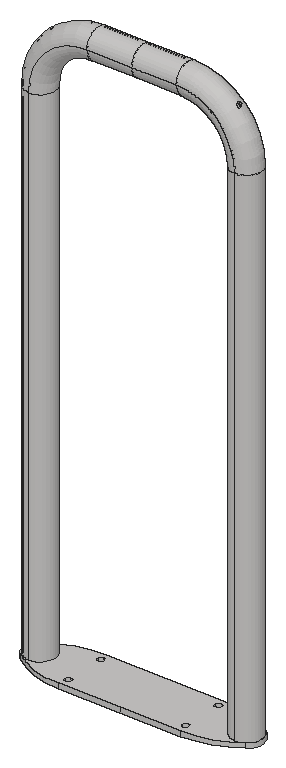
Revit family "Landscaping_Other_Axelent_Nimbus_Large", category Furniture, Revit 2018
Family settings
  OmniClass Number = 23.40.10.14
  OmniClass Title = Exterior Specialties
  Work Plane-Based = No
  Always vertical = Yes
  Cut with Voids When Loaded = No
  Shared = No
  Room Calculation Point = No
Parameters (values of type "Bike-Up Nimbus Large")
  nimbus type = nimbus large : nimbus large
  WarrantyStartDate [instance] = "n/a"
  WarrantyGuarantorParts = "n/a"
  WarrantyGuarantorLabor = "n/a"
  WarrantyDurationUnit = "Years"
  WarrantyDurationParts = "n/a"
  WarrantyDurationLabor = "n/a"
  WarrantyDescription = "n/a"
  VersionDate = "28/03/2022"  # constant formula
  Version = "1"  # constant formula
  Uniclass2015Reference = "Pr_40_30_21"
  Uniclass2015Description = "Cycle stands and lockers"
  Uniclass2 = "Pr_40_30_20"
  URL = "https://www.axelent.com/products/property/bike-racks/other-racks/bike-up-nimbus-large/"
  Type Comments = ""
  TagNumber [instance] = "n/a"
  SustainabilityPerformance = "n/a"
  Style = "n/a"
  Size = "400x100x1000 mm"
  Shape = "Sculptured"
  SerialNumber [instance] = "n/a"
  Revision = "n/a"
  ReplacementCost = "n/a"
  ProductInformation = "Hot-dip galvanized surface treatment, fastening with bolt. Stylish bicycle rack for support and locking of bicycles."
  ProductDatasheet = "https://www.axelent.com/media/2phb1hcf/axelent-safe-x-bike-up-nimbus-large.pdf"
  NominalLength = 406 mm
  NominalHeight = 1000 mm
  NominalDepth = 100 mm
  Name = "Nimbus_Large"
  NBSReference = "45-35-86/311"
  NBSDescription = "Aluminium cycle lockers"
  ModelReference = "n/a"
  ModelNumber = "101102"
  Material = "Steel"
  ManufacturerURL = "https://www.axelent.com/home/"
  ManufacturerName = "Axelent"
  Model = "Bike-Up Nimbus Large"
  Manufacturer = "Axelent"
  MainColor = "Galvanized"
  InstallationDate [instance] = "n/a"
  IfcExportType = "BOLLARD"  # constant formula
  IfcExportAs = "IfcFurnishingElementType"  # constant formula
  Grade = "n/a"
  Finish = "n/a"
  Features = "n/a"
  ExpectedLife = "Years"
  DurationUnit = "n/a"
  Description = "Hot-dip galvanized surface treatment, fastening with bolt. Stylish bicycle rack for support and locking of bicycles."
  CycleBollardMainMaterial = Steel, Galvanized
  Cost = 0
  Constituents = "n/a"
  Color = MainColor  # "Galvanized"
  CodePerformance = "n/a"
  Barcode [instance] = "n/a"
  AssetIdentifier [instance] = "n/a"
  Category = "Cycle lockers"
  Brand = "Axelent"
  BIMObjectName = "Landscaping_Other_Axelent_Nimbus_Large"
  Author = "BIMstone"  # constant formula
  AssetType = "Fixed"
  AccessibilityPerformance = "n/a"
Reference planes
  plane 1 "Center (Front/Back)": y = 0
  plane 2: z = 0
  plane 3 "Center (Left/Right)": x = 0
  plane 4: x = -203
  plane 5: x = 203
  plane 6: y = -50
  plane 7: z = 1000
  plane 8: y = 50
Dimensions and locks
  equal spacing: plane 4, plane 3 "Center (Left/Right)", plane 5
  "NominalLength": plane 4 to plane 5
  "NominalHeight": plane 7 to level
  equal spacing: plane 8, plane 1 "Center (Front/Back)", plane 6
  "NominalDepth": plane 6 to plane 8
  aligned and locked: level to plane 2
Nested families
  nested 1: "nimbus large" at (0, 0, 0), type <- "nimbus type", main material <- "CycleBollardMainMaterial", type "nimbus large"
    with main material Steel, Galvanized
Definition of nested family "nimbus large"
  Parameters (values of type "nimbus large")
    main material [instance] = none
  Reference planes
    plane 1 "Center (Front/Back)": y = 0
    plane 2: z = 0
    plane 3 "Center (Left/Right)": x = 0
    plane 4: y = 50
    plane 5: y = -50
    plane 6: z = 1000
    plane 7: x = -203
    plane 8: x = 203
  Forms (mm)
    Extrusion 1, solid, material <- "main material", detail levels medium+fine
      sketch origin (0, 0, 0) x (1, 0, 0) y (0, 1, 0)
        loop
          line (0, 50) -> (-104.198, 50)
          arc (-104.198, 50) -> (-150.656, 42.543) -> (-192.448, 20.923) r 148.459
          arc (-192.448, 20.923) -> (-203, 0) -> (-192.448, -20.923) r 26.019
          arc (-192.448, -20.923) -> (-150.656, -42.543) -> (-104.198, -50) r 148.459
          line (-104.198, -50) -> (0, -50) -> (104.198, -50)
          arc (104.198, -50) -> (150.656, -42.543) -> (192.448, -20.923) r 148.459
          arc (192.448, -20.923) -> (203, 0) -> (192.448, 20.923) r 26.019
          arc (192.448, 20.923) -> (150.656, 42.543) -> (104.198, 50) r 148.459
          line (104.198, 50) -> (0, 50)
        loop
          circle (-99.959, 35.012) r 5.5
        loop
          circle (-99.959, -35.012) r 5.5
        loop
          circle (99.959, 35.012) r 5.5
        loop
          circle (99.959, -35.012) r 5.5
      from 0 to 8
    Sweep 2, solid, material <- "main material", detail levels medium+fine
      path origin (0, 0, 0) x (1, 0, 0) y (0, 0, 1)
        loop
          line (-175.987, 8) -> (-175.987, 875)
          arc (-175.987, 875) -> (-146.698, 945.711) -> (-75.987, 975) r 100
          line (-75.987, 975) -> (0, 975) -> (75.987, 975)
          arc (75.987, 975) -> (146.698, 945.711) -> (175.987, 875) r 100
          line (175.987, 875) -> (175.987, 8)
      profile origin (-37.994, 0, 975) x (0, 0, 1) y (0, -1, 0)
        loop
          circle (0, 0) r 25
        loop
          circle (0, 0) r 23
    Extrusion 3, void
      sketch origin (626.4, 0, 405.292) x (0.707107, 0, 0.707107) y (0, 1, 0)
        loop
          circle (-163.549, 0) r 5
      from 826.571 to 1048.824
    Extrusion 4, void
      sketch origin (-626.4, 0, 405.292) x (-0.707107, 0, 0.707107) y (0, -1, 0)
        loop
          circle (-163.549, 0) r 5
      from 826.571 to 1048.824
    Extrusion 5, solid, material <- "main material", detail levels coarse
      sketch origin (0, 0, 0) x (0, 1, 0) y (0, 0, 1)
        loop
          line (-50, 1000) -> (-50, 0) -> (50, 0) -> (50, 1000) -> (-50, 1000)
      from -203 to 203
  Cuts and joins
    Extrusion 3 cuts Extrusion 1
    Extrusion 3, Extrusion 4 cuts Sweep 2
  Lines and regions (mm)
    symbolic lines, detail levels medium+fine
      curve 1: line (0, 50, 0) -> (-104.198, 50, 0)
      curve 2: arc (-104.198, 50, 0) -> (-150.656, 42.543, 0) -> (-192.448, 20.923, 0) r 148.459
      curve 3: line (0, -50, 0) -> (-104.198, -50, 0)
      curve 4: arc (-104.198, -50, 0) -> (-150.656, -42.543, 0) -> (-192.448, -20.923, 0) r 148.459
      curve 5: arc (-192.448, -20.923, 0) -> (-203, 0, 0) -> (-192.448, 20.923, 0) r 26.019
      curve 6: line (0, 50, 0) -> (104.198, 50, 0)
      curve 7: arc (104.198, 50, 0) -> (150.656, 42.543, 0) -> (192.448, 20.923, 0) r 148.459
      curve 8: line (0, -50, 0) -> (104.198, -50, 0)
      curve 9: arc (104.198, -50, 0) -> (150.656, -42.543, 0) -> (192.448, -20.923, 0) r 148.459
      curve 10: arc (192.448, -20.923, 0) -> (203, 0, 0) -> (192.448, 20.923, 0) r 26.019
      curve 25: line (0, 0, 0) -> (-203, 0, 0)
      curve 26: line (-203, 0, 0) -> (-203, 0, 8)
      curve 27: line (-203, 0, 8) -> (-200.987, 0, 8)
      curve 31: line (0, 0, 1000) -> (-75.987, 0, 1000)
      curve 32: line (-200.987, 0, 8) -> (-200.987, 0, 875)
      curve 33: arc (-75.987, 0, 1000) -> (-164.375, 0, 963.388) -> (-200.987, 0, 875) r 125
      curve 36: line (0, 0, 0) -> (203, 0, 0)
      curve 37: line (203, 0, 0) -> (203, 0, 8)
      curve 38: line (203, 0, 8) -> (200.987, 0, 8)
      curve 42: line (0, 0, 1000) -> (75.987, 0, 1000)
      curve 43: line (200.987, 0, 8) -> (200.987, 0, 875)
      curve 44: arc (75.987, 0, 1000) -> (164.375, 0, 963.388) -> (200.987, 0, 875) r 125
      curve 47: line (0, 0, 0) -> (0, 50, 0)
      curve 48: line (0, 50, 0) -> (0, 50, 8)
      curve 49: line (0, 50, 8) -> (0, 25, 8)
      curve 51: line (0, 25, 8) -> (0, 25, 975.066)
      curve 52: arc (0, 25, 975.066) -> (0, 17.674, 992.72) -> (0, 0, 1000) r 24.934
      curve 54: line (0, 0, 0) -> (0, -50, 0)
      curve 55: line (0, -50, 0) -> (0, -50, 8)
      curve 56: line (0, -50, 8) -> (0, -25, 8)
      curve 58: line (0, -25, 8) -> (0, -25, 975.066)
      curve 59: arc (0, -25, 975.066) -> (0, -17.674, 992.72) -> (0, 0, 1000) r 24.934
    symbolic lines, detail levels fine
      curve 11: arc (-105.459, 35.012, 0) -> (-99.959, 40.512, 0) -> (-94.459, 35.012, 0) r 5.5
      curve 12: arc (-94.459, 35.012, 0) -> (-99.959, 29.512, 0) -> (-105.459, 35.012, 0) r 5.5
      curve 13: arc (-105.459, -35.012, 0) -> (-99.959, -29.512, 0) -> (-94.459, -35.012, 0) r 5.5
      curve 14: arc (-94.459, -35.012, 0) -> (-99.959, -40.512, 0) -> (-105.459, -35.012, 0) r 5.5
      curve 15: arc (105.459, 35.012, 0) -> (99.959, 29.512, 0) -> (94.459, 35.012, 0) r 5.5
      curve 16: arc (94.459, 35.012, 0) -> (99.959, 40.512, 0) -> (105.459, 35.012, 0) r 5.5
      curve 17: arc (105.459, -35.012, 0) -> (99.959, -40.512, 0) -> (94.459, -35.012, 0) r 5.5
      curve 18: arc (94.459, -35.012, 0) -> (99.959, -29.512, 0) -> (105.459, -35.012, 0) r 5.5
      curve 19: line (0, 25, 0) -> (-175.987, 25, 0)
      curve 20: line (-175.987, -25, 0) -> (0, -25, 0)
      curve 21: arc (-175.987, 25, 0) -> (-200.987, 0, 0) -> (-175.987, -25, 0) r 25
      curve 22: line (0, 25, 0) -> (175.987, 25, 0)
      curve 23: line (175.987, -25, 0) -> (0, -25, 0)
      curve 24: arc (175.987, 25, 0) -> (200.987, 0, 0) -> (175.987, -25, 0) r 25
      curve 28: line (-200.987, 0, 8) -> (-150.987, 0, 8)
      curve 29: line (-150.987, 0, 8) -> (0, 0, 8)
      curve 30: line (-150.987, 0, 8) -> (-150.987, 0, 878)
      curve 34: arc (-75.987, 0, 950) -> (-129.02, 0, 928.033) -> (-150.987, 0, 875) r 75
      curve 35: line (0, 0, 950) -> (-75.987, 0, 950)
      curve 39: line (200.987, 0, 8) -> (150.987, 0, 8)
      curve 40: line (150.987, 0, 8) -> (0, 0, 8)
      curve 41: line (150.987, 0, 8) -> (150.987, 0, 878)
      curve 45: arc (75.987, 0, 950) -> (129.02, 0, 928.033) -> (150.987, 0, 875) r 75
      curve 46: line (0, 0, 950) -> (75.987, 0, 950)
      curve 50: line (0, 25, 8) -> (0, 0, 8)
      curve 53: line (0, 0, 960.5) -> (0, 0, 967.515)
      curve 57: line (0, -25, 8) -> (0, 0, 8)
      curve 60: line (0, 0, 960.5) -> (0, 0, 967.515)
  Dimensions and locks
    plane 6 to level = 1000 mm
    aligned and locked: level to plane 2
